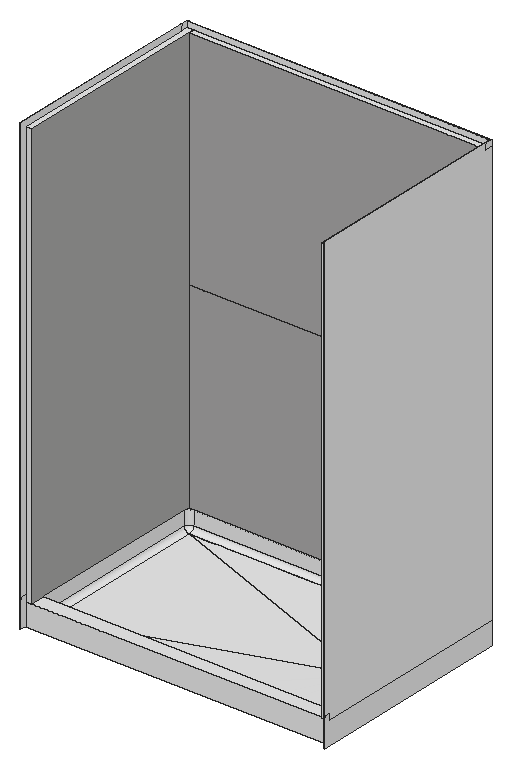
Revit family "5LBS5436FB.V2 L-R", category Plumbing Fixtures, Revit 2019
Family settings
  Round Connector Dimension = Use Diameter
  Part Type = Normal
  OmniClass Number = 23.45.05.14.17
  OmniClass Title = Showers
  Work Plane-Based = No
  Always vertical = Yes
  Cut with Voids When Loaded = No
  Shared = No
  Room Calculation Point = No
Parameters (values of type "5LBS5436FB.V2 L/R")
  Unit Width = 54"
  Unit Height = 80 1/2"
  Unit Depth = 37"
  URL = "http://www.bestbath.com/"
  Type Comments = "Remodeler"
  Model = "5LBS5436FB.V2 L/R"
  Material [instance] = Best Bath Gelcoat Fiberglass - 4 x 8 Subway Tile
  Manufacturer = "Best Bath Systems"
  Keynote = "22 40 00.B3"
  Description = "4 x 8 Subway Tile Finish"
  Assembly Code = "D2010710"
Reference planes (in)
  plane 1 "Back": y = -0.5
  plane 2: z = 0
  plane 3 "Left": x = 0
  plane 4: x = 54
  plane 5: y = -36.5
  plane 6: z = 79.5
  plane 7: z = 0.625
  plane 8: z = 80.5
  plane 9: x = 45.5
  plane 10: y = -1.75
  plane 11: y = -18.5
  plane 12: z = 0.25
  plane 13: z = 4
  plane 14: y = -37.5
  plane 15: z = 39.5
Forms (in)
  Extrusion 1, solid, material "Best Bath Gelcoat Fiberglass - Smooth"
    sketch origin (0, 0, 0) x (1, 0, 0) y (0, 1, 0)
      loop
        line (0, -0.5) -> (0, -36.5) -> (54, -36.5) -> (54, -0.5) -> (0, -0.5)
      loop
        circle (45.5, -18.5) r 2.0625
    from 0 to 0.625
  Extrusion 2, solid, material "Best Bath Gelcoat Fiberglass - Smooth"
    sketch origin (0, 0, 0) x (1, 0, 0) y (0, 1, 0)
      loop
        line (1.25, -0.5) -> (1.25, -1.75) -> (52.75, -1.75) -> (52.75, -0.5) -> (1.25, -0.5)
    from 39.5 to 79.5
  Extrusion 3, solid, material "Best Bath Gelcoat Fiberglass - Smooth"
    sketch origin (0, 0, 0) x (1, 0, 0) y (0, 1, 0)
      loop
        line (0, -36.5) -> (1.25, -36.5) -> (1.25, -2.75)
        arc (1.25, -2.75) -> (1.54289, -2.04289) -> (2.25, -1.75) r 1
        line (2.25, -1.75) -> (51.75, -1.75)
        arc (51.75, -1.75) -> (52.45711, -2.04289) -> (52.75, -2.75) r 1
        line (52.75, -2.75) -> (52.75, -36.5) -> (54, -36.5) -> (54, -0.5) -> (0, -0.5) -> (0, -36.5)
    from 0 to 4
  Extrusion 4, solid, material "Best Bath Gelcoat Fiberglass - Smooth"
    sketch origin (0, 0, 0) x (1, 0, 0) y (0, 1, 0)
      loop
        line (0, -36.5) -> (1.25, -36.5) -> (1.25, -0.5) -> (0, -0.5) -> (0, -36.5)
      loop
        line (52.75, -36.5) -> (54, -36.5) -> (54, -0.5) -> (52.75, -0.5) -> (52.75, -36.5)
    from 4 to 79.5
  Sweep 5, solid, material "Best Bath Gelcoat Fiberglass - Smooth"
    path origin (0, 0, 0) x (1, 0, 0) y (0, 1, 0)
      loop
        line (1.25, -36.5) -> (1.25, -2.75)
        arc (1.25, -2.75) -> (1.54289, -2.04289) -> (2.25, -1.75) r 1
        line (2.25, -1.75) -> (51.75, -1.75)
        arc (51.75, -1.75) -> (52.45711, -2.04289) -> (52.75, -2.75) r 1
        line (52.75, -2.75) -> (52.75, -36.5)
    profile origin (1.25, -19.625, 0) x (-1, 0, 0) y (0, 0, 1)
      loop
        line (0, 0.625) -> (0, 1.525)
        arc (0, 1.525) -> (-0.2636, 0.8886) -> (-0.9, 0.625) r 0.9
        line (-0.9, 0.625) -> (0, 0.625)
  Blend 6, void
    base sketch origin (0, 0, 0) x (1, 0, 0) y (0, 1, 0)
      loop
        line (2.25, -33.5) -> (51.75, -33.5) -> (51.75, -2.75) -> (2.25, -2.75) -> (2.25, -33.5)
    top sketch origin (0, 0, 0) x (1, 0, 0) y (0, 1, 0)
      loop
        circle (45.5, -18.5) r 0.05278
    from 0.625 to 0.25
  Sweep 7, solid, material "Best Bath Gelcoat Fiberglass - Smooth"
    path origin (0, 0, 0) x (1, 0, 0) y (0, 1, 0)
      loop
        line (1.25, -36.5) -> (52.75, -36.5)
    profile origin (27, -36.5, 0) x (0, 1, 0) y (0, 0, 1)
      loop
        line (0, 0) -> (3.11628, 0) -> (2.37209, 4) -> (0, 4) -> (0, 0)
  Extrusion 8, solid, material "Best Bath Gelcoat Fiberglass - Smooth"
    sketch origin (0, 0, 0) x (1, 0, 0) y (0, 1, 0)
      loop
        line (0, -36.5) -> (0, -37.5) -> (0.125, -37.5) -> (0.125, -36.5) -> (0, -36.5)
      loop
        line (54, -36.5) -> (53.875, -36.5) -> (53.875, -37.5) -> (54, -37.5) -> (54, -36.5)
    from 0 to 5
  Extrusion 9, solid, material "Best Bath Gelcoat Fiberglass - Smooth"
    sketch origin (0, 0, 0) x (1, 0, 0) y (0, 1, 0)
      loop
        line (0, -0.5) -> (0, -1.75) -> (0.125, -1.75) -> (0.125, -0.625) -> (53.875, -0.625) -> (53.875, -1.75) -> (54, -1.75) -> (54, -0.5) -> (0, -0.5)
    from 79.5 to 80.5
  Extrusion 10, solid, material "Best Bath Gelcoat Fiberglass - Smooth"
    sketch origin (0, 0, 0) x (1, 0, 0) y (0, 1, 0)
      loop
        line (0, -37.5) -> (0.125, -37.5) -> (0.125, -1.75) -> (0, -1.75) -> (0, -37.5)
      loop
        line (54, -37.5) -> (54, -1.75) -> (53.875, -1.75) -> (53.875, -37.5) -> (54, -37.5)
    from 4 to 80.5
  Extrusion 11, solid, material "Best Bath Gelcoat Fiberglass - Smooth"
    sketch origin (0, 0, 0) x (1, 0, 0) y (0, 1, 0)
      loop
        line (1.25, -0.5) -> (1.25, -1.75) -> (52.75, -1.75) -> (52.75, -0.5) -> (1.25, -0.5)
    from 4 to 39.5
Cuts and joins
  Blend 6 cuts Extrusion 1
  Blend 6 cuts Extrusion 3
  Blend 6 cuts Sweep 5
  joined: Extrusion 1, Extrusion 3, Sweep 5, Sweep 7, Extrusion 8
  joined: Extrusion 2, Extrusion 9
  joined: Extrusion 4, Extrusion 10
Dimensions and locks (in)
  "Unit Width": plane 3 "Left" to plane 4
  locked: plane 7 to level at 0.625
  locked: plane 8 to plane 6 at 1
  "Unit Height": plane 8 to level
  locked: plane 1 "Back" to plane 11 at 18
  plane 10 to plane 1 "Back" = 1 1/4"
  locked: plane 7 to plane 12 at 0.375
  plane 13 to level = 4"
  locked: plane 5 to plane 14 at 1
  "Unit Depth": plane 14 to plane 1 "Back"
  locked: plane 15 to plane 13 at 35.5
  plane 3 "Left" to plane 9 = 45 1/2"
  plane 9 to plane 4 = 8 1/2"
  aligned and locked: level to plane 2
  aligned and locked: Extrusion 1 to plane 7
  aligned and locked: plane 5 to Extrusion 1 sketch curve
  aligned and locked: plane 4 to Extrusion 1 sketch curve
  aligned and locked: Extrusion 2 sketch curve to Extrusion 1
  aligned and locked: Extrusion 2 sketch curve to plane 10
  aligned and locked: plane 11 to Extrusion 1 sketch curve
  aligned and locked: plane 9 to Extrusion 1 sketch curve
  aligned and locked: plane 13 to Extrusion 3
  aligned and locked: plane 6 to Extrusion 2
  aligned and locked: plane 6 to Extrusion 4
  aligned and locked: Sweep 5 sketch curve to plane 7
  aligned and locked: plane 11 to Blend 6 sketch curve
  aligned and locked: plane 9 to Blend 6 sketch curve
  aligned and locked: Extrusion 1 to Blend 6
  aligned and locked: Blend 6 to plane 12
  aligned and locked: Extrusion 9 to plane 6
  aligned and locked: plane 8 to Extrusion 9
  aligned and locked: Extrusion 10 to plane 13
  aligned and locked: plane 8 to Extrusion 10
  aligned and locked: plane 13 to Sweep 7 sketch curve
  aligned and locked: plane 15 to Extrusion 11
  aligned and locked: Extrusion 2 to plane 15
  aligned and locked: Extrusion 4 to plane 13
Automatic sketch dimensions
  Extrusion 1 sketch curve to plane 3 "Left" = 0"
  plane 1 "Back" to Extrusion 1 sketch curve = 0"
  plane 1 "Back" to Extrusion 3 sketch curve = 0"
  Extrusion 3 sketch curve to plane 3 "Left" = 0"
  Extrusion 3 sketch curve to plane 5 = 0"  (x2)
  Extrusion 3 sketch curve to plane 10 = 0"
  Extrusion 3 sketch curve to plane 4 = 0"
  plane 4 to Extrusion 3 sketch curve = 1 1/4"
  Extrusion 3 sketch curve to plane 10 = 1"
  plane 3 "Left" to Extrusion 3 sketch curve = 1 1/4"
  Extrusion 3 sketch curve to Extrusion 3 sketch curve = 1"
  Sweep 5 sketch curve to plane 10 = 0"
  plane 3 "Left" to Sweep 5 sketch curve = 1 1/4"
  Sweep 5 sketch curve to plane 10 = 1"  (x2)
  Sweep 5 sketch curve to plane 5 = 0"  (x2)
  plane 4 to Sweep 5 sketch curve = 2 1/4"
  Sweep 5 sketch curve to profile plane = 0"
  profile plane to Sweep 5 sketch curve = 0.9"
  Sweep 7 sketch curve to plane 5 = 0"
  plane 3 "Left" to Sweep 7 sketch curve = 1 1/4"
  plane 4 to Sweep 7 sketch curve = 1 1/4"
  Blend 6 sketch curve to plane 10 = 1"
  plane 3 "Left" to Blend 6 sketch curve = 2 1/4"
  plane 5 to Blend 6 sketch curve = 3"
  plane 4 to Blend 6 sketch curve = 2 1/4"
  Extrusion 8 sketch curve to plane 3 "Left" = 0"
  Extrusion 8 sketch curve to plane 14 = 0"  (x2)
  Extrusion 8 sketch curve to plane 5 = 0"  (x2)
  Extrusion 8 sketch curve to plane 4 = 0"
  plane 3 "Left" to Extrusion 8 sketch curve = 1/8"
  plane 4 to Extrusion 8 sketch curve = 1/8"
  plane 1 "Back" to Extrusion 4 sketch curve = 0"  (x2)
  Extrusion 4 sketch curve to plane 3 "Left" = 0"
  Extrusion 4 sketch curve to plane 5 = 0"  (x2)
  Extrusion 4 sketch curve to plane 4 = 0"
  plane 3 "Left" to Extrusion 4 sketch curve = 1 1/4"
  plane 4 to Extrusion 4 sketch curve = 1 1/4"
  plane 3 "Left" to Extrusion 2 sketch curve = 1 1/4"
  plane 4 to Extrusion 2 sketch curve = 1 1/4"
  Extrusion 10 sketch curve to plane 3 "Left" = 0"
  Extrusion 10 sketch curve to plane 14 = 0"  (x2)
  Extrusion 10 sketch curve to plane 10 = 0"  (x2)
  Extrusion 10 sketch curve to plane 4 = 0"
  plane 3 "Left" to Extrusion 10 sketch curve = 1/8"
  plane 4 to Extrusion 10 sketch curve = 1/8"
  plane 1 "Back" to Extrusion 9 sketch curve = 0"
  Extrusion 9 sketch curve to plane 3 "Left" = 0"
  Extrusion 9 sketch curve to plane 10 = 0"  (x2)
  Extrusion 9 sketch curve to plane 4 = 0"
  plane 3 "Left" to Extrusion 9 sketch curve = 1/8"
  Extrusion 9 sketch curve to Extrusion 9 sketch curve = 1/8"
  plane 1 "Back" to Extrusion 9 sketch curve = 1/8"
  plane 1 "Back" to Extrusion 11 sketch curve = 0"
  plane 3 "Left" to Extrusion 11 sketch curve = 1 1/4"
  Extrusion 11 sketch curve to plane 10 = 0"
  plane 3 "Left" to Extrusion 11 sketch curve = 52 3/4"
  Sweep 7 sketch curve to profile plane = 0"
  Sweep 7 sketch curve to level = 0"
  Sweep 7 sketch curve to profile plane = 2.37209"
  Sweep 7 sketch curve to profile plane = 3.11628"
  radius of Extrusion 1 sketch curve = 2 1/16"
  radius of Blend 6 sketch curve = 0.05278"
